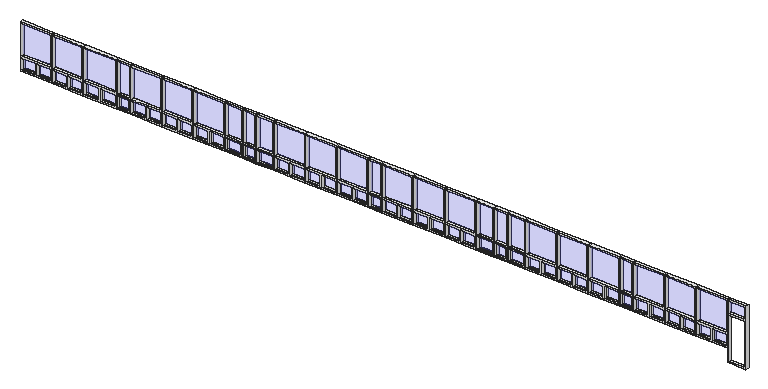
Revit family
Parameters
  창 두께 = 150 mm
  창 패널 = AW26 창 패널
  창 프레임 = AW26 창 프레임
  길이 4 = 길이 1 * 3  # 4500 mm
  길이 3 = 650 mm
  길이 2 = Height + 기본 씰 높이  # 2700 mm
  길이 1 = (Width - 9300 mm) / 17  # 1500 mm
  Height = 2100 mm
  절반 창 두께 = 창 두께 / 2  # 75 mm
  기본 씰 높이 = 600 mm
  Wall Closure = (empty or 0)
  Width = 34800 mm
Reference planes
  plane 1: y = 0
  plane 2 "왼쪽": x = -15700
  plane 3 "오른쪽": x = 18925
  plane 4 "씰": z = 600
  plane 5 "헤드": z = 2700
  plane 6 "외부": y = 100
  plane 7 "내부": y = -100
  plane 8: y = -75
  plane 9: y = 75
  plane 10: y = 66
  plane 11: y = 44
  plane 12: y = 35
  plane 13: x = 1550
  plane 14: z = 1200
  plane 15: z = 645
  plane 16: z = 1245
  plane 17: z = 1190
  plane 18: z = 655
  plane 19: z = 2655
  plane 20: z = 2100
  plane 21: z = 2055
Lines and regions (mm)
  symbolic lines, style "입면도 스윙"
    curve 1: line (12900, 35, 2700) -> (11445, 35, 1945)
    curve 2: line (11445, 35, 1945) -> (12900, 35, 1190)
Text (mm)
  text "외부" at (-1963.203, 1332.353, 0), in view "참조 레벨"
  text "내부" at (-1981.466, -818.386, 0), in view "참조 레벨"
  text "외부" at (0, 923.751, 2943.296), in view "오른쪽"
  text "외부" at (0, 1040.484, 2685.409), in view "왼쪽"
Dimensions and locks
  "Height": plane 4 "씰" to plane 5 "헤드"
  "기본 씰 높이": plane 4 "씰" to level
  locked: plane 6 "외부" to host wall at 0
  locked: plane 7 "내부" to host wall
  plane 9 to plane 10 to plane 11 to plane 12 = 9 mm locked, 22 mm locked, 9 mm locked
  locked: plane 4 "씰" to plane 14 at 600
  plane 4 "씰" to plane 15 to plane 18 = 45 mm locked, 10 mm locked
  plane 17 to plane 14 to plane 16 = 10 mm locked, 45 mm locked
  locked: plane 19 to plane 5 "헤드" at 45
  plane 21 to plane 20 to plane 5 "헤드" = 45 mm locked, 600 mm locked
  "절반 창 두께": plane 9 to host wall
  "절반 창 두께": host wall to plane 8
  "길이 4": nested 4 to nested 7
  locked: nested 6 to nested 15 at 2350
  "길이 4": nested 12 to nested 3
  locked: nested 19 to nested 12 at 2350
  locked: nested 22 to nested 21 at 2250
  plane 2 "왼쪽" to plane 13 to plane 3 "오른쪽" = 17250 mm, 17375 mm
  equal spacing: plane 17, curve 2, nested 17
  aligned and locked: plane 4 "씰" to nested 1  (x2)
  aligned and locked: plane 4 "씰" to nested 2  (x2)
  aligned and locked: nested 1 to nested 3
  aligned and locked: plane 4 "씰" to nested 3  (x2)
  aligned and locked: nested 1 to nested 4
  aligned and locked: nested 4 to nested 5
  aligned and locked: nested 5 to nested 6
  aligned and locked: nested 7 to nested 8
  aligned and locked: nested 8 to nested 9
  aligned and locked: nested 3 to nested 10
  aligned and locked: nested 10 to nested 11
  aligned and locked: nested 12 to nested 13
  aligned and locked: nested 13 to nested 14
  aligned and locked: nested 15 to nested 16
  aligned and locked: nested 16 to nested 17
  aligned and locked: nested 17 to nested 18
  aligned and locked: nested 19 to nested 20
  aligned and locked: nested 20 to nested 21
  aligned and locked: nested 2 to nested 21
  aligned and locked: plane 4 "씰" to nested 18
  aligned and locked: plane 4 "씰" to nested 17
  aligned and locked: plane 4 "씰" to nested 16
  aligned and locked: plane 4 "씰" to nested 15  (x2)
  aligned and locked: plane 4 "씰" to nested 9
  aligned and locked: plane 4 "씰" to nested 8
  aligned and locked: plane 4 "씰" to nested 7
  aligned and locked: plane 4 "씰" to nested 6
  aligned and locked: plane 4 "씰" to nested 5
  aligned and locked: plane 4 "씰" to nested 4
  aligned and locked: plane 4 "씰" to nested 10
  aligned and locked: plane 4 "씰" to nested 11
  aligned and locked: plane 4 "씰" to nested 12
  aligned and locked: plane 4 "씰" to nested 13
  aligned and locked: plane 4 "씰" to nested 14
  aligned and locked: plane 4 "씰" to nested 19
  aligned and locked: plane 4 "씰" to nested 20
  aligned and locked: plane 4 "씰" to nested 21
  aligned and locked: plane 4 "씰" to nested 22
  aligned and locked: nested 24 to nested 2
  aligned and locked: plane 4 "씰" to nested 24
  aligned and locked: plane 4 "씰" to nested 25
  aligned and locked: nested 18 to nested 25
  aligned and locked: nested 26 to plane 4 "씰"
  aligned and locked: nested 25 to nested 26
  aligned and locked: nested 27 to plane 4 "씰"
  aligned and locked: nested 26 to nested 27
  aligned and locked: nested 22 to nested 28
  aligned and locked: nested 23 to nested 27
  aligned and locked: plane 4 "씰" to nested 28
  aligned and locked: curve 1 to nested 17
  aligned and locked: nested 18 to curve 1
  aligned and locked: curve 2 to nested 17
  aligned and locked: nested 18 to curve 2
  aligned and locked: nested 17 to curve 2
Nested families
  nested 1: "창 고정 단위" at (1225, 0, 0), type "AW9_1_1"
  nested 2: "창 고정 단위" at (-10775, 0, 0), type "AW9_1"
  nested 3: "AW9 2" at (150, 0, 0), type "AW9"
  nested 4: "AW9 2" at (2300, 0, 0), type "AW9"
  nested 5: "AW9 2" at (3800, 0, 0), type "AW9"
  nested 6: "AW9 2" at (5300, 0, 0), type "AW9"
  nested 7: "창 고정 단위" at (6475, 0, 0), type "AW9_2"
  nested 8: "창 고정 단위" at (7225, 0, 0), type "AW9_1"
  nested 9: "창 고정 단위" at (7975, 0, 0), type "AW9_2"
  nested 10: "AW9 2" at (-1350, 0, 0), type "AW9"
  nested 11: "AW9 2" at (-2850, 0, 0), type "AW9"
  nested 12: "창 고정 단위" at (-4025, 0, 0), type "AW9_2"
  nested 13: "창 고정 단위" at (-4775, 0, 0), type "AW9_1"
  nested 14: "창 고정 단위" at (-5525, 0, 0), type "AW9_2"
  nested 15: "AW9 2" at (9150, 0, 0), type "AW9"
  nested 16: "AW9 2" at (10650, 0, 0), type "AW9"
  nested 17: "AW9 2" at (12150, 0, 0), type "AW9"
  nested 18: "창 고정 단위" at (13225, 0, 0), type "AW9_1"
  nested 19: "AW9 2" at (-6700, 0, 0), type "AW9"
  nested 20: "AW9 2" at (-8200, 0, 0), type "AW9"
  nested 21: "AW9 2" at (-9700, 0, 0), type "AW9"
  nested 22: "AW9 2" at (-13450, 0, 0), type "AW9"
  nested 23: "문 프레임" at (18487.5, 0, 0), type "AW9-1"
  nested 24: "창 고정 단위 크게" at (-11900, 0, 0), type "AW9 2"
  nested 25: "AW9 2" at (14300, 0, 0), type "AW9"
  nested 26: "AW9 2" at (15800, 0, 0), type "AW9"
  nested 27: "AW9 2" at (17300, 0, 0), type "AW9"
  nested 28: "창 고정 및 개구부 단위" at (-14950, 0, 0), type "AW9"
Definition of nested family "창 고정 단위"
  Parameters (values of type "AW9_1_1")
    창 두께 = 150 mm
    창 패널 = AW26 창 패널
    창 프레임 = AW26 창 프레임
    Height = 2100 mm
    절반 창 두께 = 창 두께 / 2  # 75 mm
    기본 씰 높이 = 600 mm
    Wall Closure = (empty or 0)
    Width = 650 mm
    Assembly Code = ""
  Types (4, lengths in mm): name | Width
    AW9_1_1 | 650
    AW9_3 | 800
    AW9_2 | 850
    AW9_1 | 650
  Reference planes
    plane 1: y = 0
    plane 2 "중심(왼쪽/오른쪽)": x = 0
    plane 3 "왼쪽": x = -325
    plane 4 "오른쪽": x = 325
    plane 5 "씰": z = 600
    plane 6 "헤드": z = 2700
    plane 7 "외부": y = 100
    plane 8 "내부": y = -100
    plane 9: y = 75
    plane 10: y = -75
    plane 11: y = 35
    plane 12: x = -280
    plane 13: x = 280
    plane 14: x = -270
    plane 15: x = 270
    plane 16: z = 1200
    plane 17: z = 1190
    plane 18: z = 1245
    plane 19: y = 55
    plane 20: y = 66
    plane 21: y = 44
    plane 22: y = -11
    plane 23: y = 11
    plane 24: x = -22.5
    plane 25: x = 22.5
    plane 26: x = -32.5
    plane 27: x = 32.5
    plane 28: z = 2655
    plane 29: z = 645
    plane 30: x = 230
    plane 31: z = 1150
    plane 32: x = -230
    plane 33: z = 685
    plane 34: x = 72.5
    plane 35: x = -72.5
    plane 36: x = 156.25
    plane 37: x = -156.25
    plane 38: z = 655
  Forms (mm)
    Extrusion 1, solid, material "AW26 창 프레임" <- "창 프레임"
      sketch origin (-2000, 75, 1000) x (-1, 0, 0) y (0, 0, 1)
        loop
          line (-2325, 1700) -> (-2325, -400) -> (-1675, -400) -> (-1675, 1700) -> (-2325, 1700)
        loop
          line (-2280, 1655) -> (-2280, 245) -> (-1720, 245) -> (-1720, 1655) -> (-2280, 1655)
        loop
          line (-2280, -355) -> (-1720, -355) -> (-1720, 200) -> (-2280, 200) -> (-2280, -355)
      from -150 to 0
    Extrusion 2, solid, material "AW26 창 패널" <- "창 패널"
      sketch origin (-2000, 75, 1000) x (-1, 0, 0) y (0, 0, 1)
        loop
          line (-2280, 1655) -> (-2280, 245) -> (-1720, 245) -> (-1720, 1655) -> (-2280, 1655)
        loop
          line (-2280, 200) -> (-2280, -355) -> (-1720, -355) -> (-1720, 200) -> (-2280, 200)
      from -31 to -9
    Extrusion 3, solid, material "AW26 창 프레임" <- "창 프레임"
      sketch origin (-2000, 75, 1000) x (-1, 0, 0) y (0, 0, 1)
        loop
          line (-2230, 150) -> (-2230, -315) -> (-1770, -315) -> (-1770, 150) -> (-2230, 150)
        loop
          line (-2280, 200) -> (-2280, -355) -> (-1720, -355) -> (-1720, 200) -> (-2280, 200)
      from -64 to 0
    Extrusion 4, solid, material "AW26 창 프레임" <- "창 프레임"
      sketch origin (-2000, 75, 1000) x (-1, 0, 0) y (0, 0, 1)
        loop
          line (-2280, 200) -> (-2280, -355) -> (-1720, -355) -> (-1720, 200) -> (-2280, 200)
        loop
          line (-2270, 190) -> (-2270, -345) -> (-1730, -345) -> (-1730, 190) -> (-2270, 190)
      from -64 to -150
  Lines and regions (mm)
    Opening 1
      outline origin (3500, -100, 0) x (1, 0, 0) y (0, 0, 1)
        loop
          line (-3175, 600) -> (-3175, 2700) -> (-3825, 2700) -> (-3825, 600) -> (-3175, 600)
    symbolic lines, style "입면도 스윙"
      curve 1: line (0, 75, 1200) -> (280, 75, 645)
      curve 2: line (0, 75, 1200) -> (-280, 75, 645)
    symbolic lines
      curve 3: line (-325, 75, 0) -> (325, 75, 0)
      curve 4: line (-280, 0, 0) -> (280, 0, 0)
      curve 5: line (-325, -75, 0) -> (325, -75, 0)
      curve 6: line (-280, 75, 0) -> (-280, -75, 0)
      curve 7: line (280, 75, 0) -> (280, -75, 0)
  Text (mm)
    text "외부" at (-1963.203, 1332.353, 0), in view "참조 레벨"
    text "내부" at (-1981.466, -818.386, 0), in view "참조 레벨"
    text "외부" at (0, 923.751, 2943.296), in view "오른쪽"
    text "외부" at (0, 1040.484, 2685.409), in view "왼쪽"
  Dimensions and locks
    equal spacing: plane 3 "왼쪽", plane 2 "중심(왼쪽/오른쪽)", plane 4 "오른쪽"
    "Width": plane 3 "왼쪽" to plane 4 "오른쪽"
    "Height": plane 5 "씰" to plane 6 "헤드"
    locked: plane 7 "외부" to host wall at 0
    locked: plane 8 "내부" to host wall
    plane 17 to plane 16 to plane 18 = 10 mm locked, 45 mm locked
    plane 9 to plane 19 to plane 11 = 20 mm locked, 20 mm locked
    plane 20 to plane 19 to plane 21 = 11 mm locked, 11 mm locked
    plane 23 to host wall to plane 22 = 11 mm locked, 11 mm locked
    plane 3 "왼쪽" to plane 12 to plane 14 = 45 mm locked, 10 mm locked
    plane 15 to plane 13 to plane 4 "오른쪽" = 10 mm locked, 45 mm locked
    plane 24 to plane 2 "중심(왼쪽/오른쪽)" to plane 25 = 22.5 mm locked, 22.5 mm locked
    locked: plane 26 to plane 24 at 10
    locked: plane 25 to plane 27 at 10
    locked: plane 5 "씰" to plane 16 at 600
    "절반 창 두께": plane 9 to plane 1
    "절반 창 두께": plane 10 to plane 1
    "기본 씰 높이": level to plane 5 "씰"
    locked: plane 28 to plane 6 "헤드" at 45
    locked: plane 5 "씰" to plane 29 at 45
    locked: plane 30 to plane 15 at 40
    locked: plane 31 to plane 17 at 40
    locked: plane 14 to plane 32 at 40
    locked: plane 29 to plane 33 at 40
    locked: plane 34 to plane 27 at 40
    locked: plane 26 to plane 35 at 40
    equal spacing: plane 27, plane 36, plane 13
    equal spacing: plane 26, plane 37, plane 12
    locked: plane 29 to plane 38 at 10
    aligned and locked: plane 6 "헤드" to Extrusion 1 sketch curve
    aligned and locked: plane 4 "오른쪽" to Extrusion 1 sketch curve
    aligned and locked: Extrusion 1 sketch curve to plane 5 "씰"
    aligned and locked: Extrusion 1 sketch curve to plane 3 "왼쪽"
    aligned and locked: Extrusion 1 sketch curve to plane 28
    aligned and locked: Extrusion 1 sketch curve to plane 12
    aligned and locked: plane 13 to Extrusion 1 sketch curve  (x3)
    aligned and locked: plane 18 to Extrusion 1 sketch curve
    aligned and locked: Extrusion 1 to plane 10
    aligned and locked: plane 9 to Extrusion 1
    aligned and locked: plane 12 to Extrusion 1 sketch curve  (x2)
    aligned and locked: Extrusion 1 sketch curve to plane 29
    aligned and locked: plane 13 to Extrusion 2 sketch curve  (x2)
    aligned and locked: Extrusion 2 sketch curve to plane 28
    aligned and locked: Extrusion 2 sketch curve to plane 12  (x2)
    aligned and locked: Extrusion 2 sketch curve to plane 18
    aligned and locked: plane 29 to Extrusion 2 sketch curve
    aligned and locked: Extrusion 2 to plane 21
    aligned and locked: plane 20 to Extrusion 2
    aligned and locked: plane 33 to Extrusion 3 sketch curve
    aligned and locked: Extrusion 3 sketch curve to plane 32
    aligned and locked: Extrusion 3 sketch curve to plane 31
    aligned and locked: Extrusion 3 sketch curve to plane 30
    aligned and locked: plane 16 to Extrusion 3 sketch curve
    aligned and locked: plane 13 to Extrusion 3 sketch curve
    aligned and locked: plane 29 to Extrusion 3 sketch curve
    aligned and locked: Extrusion 3 sketch curve to plane 12
    aligned and locked: plane 16 to Extrusion 1 sketch curve
    aligned and locked: plane 16 to Extrusion 2 sketch curve
    aligned and locked: Extrusion 3 to plane 23
    aligned and locked: plane 9 to Extrusion 3
    aligned and locked: plane 16 to Extrusion 4 sketch curve
    aligned and locked: plane 13 to Extrusion 4 sketch curve
    aligned and locked: plane 29 to Extrusion 4 sketch curve
    aligned and locked: Extrusion 4 sketch curve to plane 12
    aligned and locked: Extrusion 4 sketch curve to plane 14
    aligned and locked: plane 17 to Extrusion 4 sketch curve
    aligned and locked: plane 15 to Extrusion 4 sketch curve
    aligned and locked: plane 38 to Extrusion 4 sketch curve
    aligned and locked: Extrusion 4 to plane 23
    aligned and locked: Extrusion 4 to plane 10
    aligned and locked: plane 2 "중심(왼쪽/오른쪽)" to curve 1
    aligned and locked: plane 29 to curve 1
    aligned and locked: plane 13 to curve 1
    aligned and locked: plane 16 to curve 2
    aligned and locked: plane 29 to curve 2
    aligned and locked: plane 12 to curve 2
    aligned and locked: plane 9 to curve 6
    aligned and locked: plane 10 to curve 6
    aligned and locked: plane 12 to curve 6
    aligned and locked: plane 13 to curve 7
    aligned and locked: plane 4 "오른쪽" to curve 3
    aligned and locked: plane 3 "왼쪽" to curve 3
    aligned and locked: plane 3 "왼쪽" to curve 5
    aligned and locked: plane 12 to curve 4
    aligned and locked: plane 4 "오른쪽" to curve 5
    aligned and locked: plane 13 to curve 4
    aligned and locked: curve 3 to plane 9
    aligned and locked: curve 5 to plane 10
    aligned and locked: host wall to curve 4
  Automatic sketch dimensions
    Opening 1 sketch curve to plane 3 "왼쪽" = 0 mm
    Opening 1 sketch curve to plane 4 "오른쪽" = 0 mm
    Opening 1 sketch curve to plane 5 "씰" = 0 mm
    Opening 1 sketch curve to plane 6 "헤드" = 0 mm
Definition of nested family "AW9 2"
  Parameters (values of type "AW9")
    창 두께 = 150 mm
    창 패널 = AW26 창 패널
    창 프레임 = AW26 창 프레임
    Height = 2100 mm
    절반 창 두께 = 창 두께 / 2  # 75 mm
    기본 씰 높이 = 600 mm
    Wall Closure = (empty or 0)
    Width = 1500 mm
    Assembly Code = ""
  Types (3, lengths in mm): name | Width
    AW9 | 1500
    AW9 2 | 1600
    AW9 1 | 4500
  Reference planes
    plane 1: y = 0
    plane 2 "중심(왼쪽/오른쪽)": x = 0
    plane 3 "왼쪽": x = -750
    plane 4 "오른쪽": x = 750
    plane 5 "씰": z = 600
    plane 6 "헤드": z = 2700
    plane 7 "외부": y = 100
    plane 8 "내부": y = -100
    plane 9: y = 75
    plane 10: y = -75
    plane 11: y = 35
    plane 12: x = -705
    plane 13: x = 705
    plane 14: x = -695
    plane 15: x = 695
    plane 16: z = 1200
    plane 17: z = 1190
    plane 18: z = 1245
    plane 19: y = 55
    plane 20: y = 66
    plane 21: y = 44
    plane 22: y = -11
    plane 23: y = 11
    plane 24: x = -22.5
    plane 25: x = 22.5
    plane 26: x = -32.5
    plane 27: x = 32.5
    plane 28: z = 2655
    plane 29: z = 645
    plane 30: x = 655
    plane 31: z = 1150
    plane 32: x = -655
    plane 33: z = 685
    plane 34: x = 72.5
    plane 35: x = -72.5
    plane 36: x = 368.75
    plane 37: x = -368.75
  Forms (mm)
    Extrusion 1, solid, material "AW26 창 프레임" <- "창 프레임"
      sketch origin (-2000, 75, 1000) x (-1, 0, 0) y (0, 0, 1)
        loop
          line (-2750, 1700) -> (-2750, -400) -> (-1250, -400) -> (-1250, 1700) -> (-2750, 1700)
        loop
          line (-2705, 1655) -> (-2705, 245) -> (-1295, 245) -> (-1295, 1655) -> (-2705, 1655)
        loop
          line (-2705, -355) -> (-2032.5, -355) -> (-2032.5, 190) -> (-2705, 190) -> (-2705, -355)
        loop
          line (-1295, -355) -> (-1295, 190) -> (-1967.5, 190) -> (-1967.5, -355) -> (-1295, -355)
      from -150 to 0
    Extrusion 2, solid, material "AW26 창 프레임" <- "창 프레임"
      sketch origin (-2000, 75, 1000) x (-1, 0, 0) y (0, 0, 1)
        loop
          line (-2705, 190) -> (-2705, -355) -> (-2032.5, -355) -> (-2032.5, 190) -> (-2705, 190)
        loop
          line (-1967.5, 190) -> (-1967.5, -355) -> (-1295, -355) -> (-1295, 190) -> (-1967.5, 190)
        loop
          line (-2655, 150) -> (-2655, -315) -> (-2072.5, -315) -> (-2072.5, 150) -> (-2655, 150)
        loop
          line (-1927.5, 150) -> (-1927.5, -315) -> (-1345, -315) -> (-1345, 150) -> (-1927.5, 150)
      from -40 to 0
    Extrusion 3, solid, material "AW26 창 패널" <- "창 패널"
      sketch origin (-2000, 75, 1000) x (-1, 0, 0) y (0, 0, 1)
        loop
          line (-2705, 1655) -> (-2705, 245) -> (-1295, 245) -> (-1295, 1655) -> (-2705, 1655)
        loop
          line (-2655, 150) -> (-2655, -315) -> (-2072.5, -315) -> (-2072.5, 150) -> (-2655, 150)
        loop
          line (-1927.5, 150) -> (-1927.5, -315) -> (-1345, -315) -> (-1345, 150) -> (-1927.5, 150)
      from -31 to -9
  Lines and regions (mm)
    Opening 1
      outline origin (3500, -100, 0) x (1, 0, 0) y (0, 0, 1)
        loop
          line (-2750, 600) -> (-2750, 2700) -> (-4250, 2700) -> (-4250, 600) -> (-2750, 600)
    symbolic lines, style "입면도 스윙"
      curve 1: line (368.75, 75, 1190) -> (705, 75, 645)
      curve 2: line (368.75, 75, 1190) -> (32.5, 75, 645)
      curve 3: line (-32.5, 75, 645) -> (-368.75, 75, 1190)
      curve 4: line (-368.75, 75, 1190) -> (-705, 75, 645)
    symbolic lines
      curve 5: line (-750, 75, 0) -> (750, 75, 0)
      curve 6: line (-705, 0, 0) -> (705, 0, 0)
      curve 7: line (-750, -75, 0) -> (750, -75, 0)
      curve 8: line (-705, 75, 0) -> (-705, -75, 0)
      curve 9: line (705, 75, 0) -> (705, -75, 0)
  Text (mm)
    text "외부" at (-1963.203, 1332.353, 0), in view "참조 레벨"
    text "내부" at (-1981.466, -818.386, 0), in view "참조 레벨"
    text "외부" at (0, 923.751, 2943.296), in view "오른쪽"
    text "외부" at (0, 1040.484, 2685.409), in view "왼쪽"
  Dimensions and locks
    equal spacing: plane 3 "왼쪽", plane 2 "중심(왼쪽/오른쪽)", plane 4 "오른쪽"
    "Width": plane 3 "왼쪽" to plane 4 "오른쪽"
    "Height": plane 5 "씰" to plane 6 "헤드"
    locked: plane 7 "외부" to host wall at 0
    locked: plane 8 "내부" to host wall
    plane 17 to plane 16 to plane 18 = 10 mm locked, 45 mm locked
    plane 9 to plane 19 to plane 11 = 20 mm locked, 20 mm locked
    plane 20 to plane 19 to plane 21 = 11 mm locked, 11 mm locked
    plane 23 to host wall to plane 22 = 11 mm locked, 11 mm locked
    plane 3 "왼쪽" to plane 12 to plane 14 = 45 mm locked, 10 mm locked
    plane 15 to plane 13 to plane 4 "오른쪽" = 10 mm locked, 45 mm locked
    plane 24 to plane 2 "중심(왼쪽/오른쪽)" to plane 25 = 22.5 mm locked, 22.5 mm locked
    locked: plane 26 to plane 24 at 10
    locked: plane 25 to plane 27 at 10
    locked: plane 5 "씰" to plane 16 at 600
    "절반 창 두께": plane 9 to plane 1
    "절반 창 두께": plane 10 to plane 1
    "기본 씰 높이": level to plane 5 "씰"
    locked: plane 28 to plane 6 "헤드" at 45
    locked: plane 5 "씰" to plane 29 at 45
    locked: plane 30 to plane 15 at 40
    locked: plane 31 to plane 17 at 40
    locked: plane 14 to plane 32 at 40
    locked: plane 29 to plane 33 at 40
    locked: plane 34 to plane 27 at 40
    locked: plane 26 to plane 35 at 40
    equal spacing: plane 27, plane 36, plane 13
    equal spacing: plane 26, plane 37, plane 12
    aligned and locked: plane 6 "헤드" to Extrusion 1 sketch curve
    aligned and locked: plane 4 "오른쪽" to Extrusion 1 sketch curve
    aligned and locked: Extrusion 1 sketch curve to plane 5 "씰"
    aligned and locked: Extrusion 1 sketch curve to plane 3 "왼쪽"
    aligned and locked: Extrusion 1 sketch curve to plane 28
    aligned and locked: plane 13 to Extrusion 1 sketch curve  (x2)
    aligned and locked: plane 29 to Extrusion 1 sketch curve  (x2)
    aligned and locked: Extrusion 1 sketch curve to plane 12
    aligned and locked: plane 18 to Extrusion 1 sketch curve
    aligned and locked: plane 12 to Extrusion 1 sketch curve
    aligned and locked: plane 17 to Extrusion 1 sketch curve  (x2)
    aligned and locked: plane 27 to Extrusion 1 sketch curve
    aligned and locked: plane 26 to Extrusion 1 sketch curve
    aligned and locked: Extrusion 1 to plane 10
    aligned and locked: plane 9 to Extrusion 1
    aligned and locked: plane 17 to Extrusion 2 sketch curve  (x2)
    aligned and locked: plane 13 to Extrusion 2 sketch curve
    aligned and locked: plane 29 to Extrusion 2 sketch curve  (x2)
    aligned and locked: plane 27 to Extrusion 2 sketch curve
    aligned and locked: Extrusion 2 sketch curve to plane 31  (x2)
    aligned and locked: Extrusion 2 sketch curve to plane 30
    aligned and locked: plane 33 to Extrusion 2 sketch curve  (x2)
    aligned and locked: Extrusion 2 sketch curve to plane 34
    aligned and locked: Extrusion 2 sketch curve to plane 26
    aligned and locked: Extrusion 2 sketch curve to plane 12
    aligned and locked: Extrusion 2 sketch curve to plane 35
    aligned and locked: Extrusion 2 sketch curve to plane 32
    aligned and locked: Extrusion 2 to plane 9
    aligned and locked: Extrusion 2 to plane 11
    aligned and locked: Extrusion 3 sketch curve to plane 28
    aligned and locked: plane 13 to Extrusion 3 sketch curve
    aligned and locked: Extrusion 3 sketch curve to plane 18
    aligned and locked: Extrusion 3 sketch curve to plane 12
    aligned and locked: Extrusion 3 sketch curve to plane 31  (x2)
    aligned and locked: Extrusion 3 sketch curve to plane 30
    aligned and locked: plane 33 to Extrusion 3 sketch curve  (x2)
    aligned and locked: Extrusion 3 sketch curve to plane 34
    aligned and locked: Extrusion 3 sketch curve to plane 35
    aligned and locked: Extrusion 3 sketch curve to plane 32
    aligned and locked: Extrusion 3 to plane 21
    aligned and locked: plane 20 to Extrusion 3
    aligned and locked: plane 36 to curve 1
    aligned and locked: plane 29 to curve 1
    aligned and locked: plane 13 to curve 1
    aligned and locked: plane 17 to curve 2
    aligned and locked: plane 27 to curve 2
    aligned and locked: plane 29 to curve 2
    aligned and locked: plane 17 to curve 3
    aligned and locked: plane 37 to curve 3
    aligned and locked: plane 29 to curve 3
    aligned and locked: plane 26 to curve 3
    aligned and locked: plane 29 to curve 4
    aligned and locked: plane 12 to curve 4
    aligned and locked: plane 3 "왼쪽" to curve 5
    aligned and locked: plane 3 "왼쪽" to curve 7
    aligned and locked: plane 12 to curve 6
    aligned and locked: plane 4 "오른쪽" to curve 5
    aligned and locked: plane 4 "오른쪽" to curve 7
    aligned and locked: plane 13 to curve 6
    aligned and locked: plane 13 to curve 9
    aligned and locked: plane 9 to curve 8
    aligned and locked: plane 10 to curve 8
    aligned and locked: plane 12 to curve 8
    aligned and locked: curve 5 to plane 9
    aligned and locked: curve 7 to plane 10
    aligned and locked: host wall to curve 6
  Automatic sketch dimensions
    Opening 1 sketch curve to plane 3 "왼쪽" = 0 mm
    Opening 1 sketch curve to plane 4 "오른쪽" = 0 mm
    Opening 1 sketch curve to plane 5 "씰" = 0 mm
    Opening 1 sketch curve to plane 6 "헤드" = 0 mm
    Extrusion 1 sketch curve to plane 17 = 0 mm
    Extrusion 1 sketch curve to plane 29 = 0 mm
Definition of nested family "문 프레임"
  Parameters (values of type "AW9-1")
    창 두께 = 150 mm
    창 패널 = AW26 창 패널
    창 프레임 = AW26 창 프레임
    Height = 2700 mm
    절반 창 두께 = 창 두께 / 2  # 75 mm
    기본 씰 높이 = 0 mm
    Wall Closure = (empty or 0)
    Width = 875 mm
    Assembly Code = ""
  Reference planes
    plane 1: y = 0
    plane 2 "중심(왼쪽/오른쪽)": x = 0
    plane 3 "왼쪽": x = -437.5
    plane 4 "오른쪽": x = 437.5
    plane 5 "씰": z = 0
    plane 6 "헤드": z = 2700
    plane 7 "외부": y = 100
    plane 8 "내부": y = -100
    plane 9: y = 75
    plane 10: y = -75
    plane 11: y = 35
    plane 12: x = -392.5
    plane 13: x = 392.5
    plane 14: x = -382.5
    plane 15: x = 382.5
    plane 16: z = 2055
    plane 17: z = 2045
    plane 18: z = 2100
    plane 19: y = 55
    plane 20: y = 66
    plane 21: y = 44
    plane 22: y = -11
    plane 23: y = 11
    plane 24: x = -22.5
    plane 25: x = 22.5
    plane 26: x = -32.5
    plane 27: x = 32.5
    plane 28: z = 2655
    plane 29: z = 45
    plane 30: x = 342.5
    plane 31: z = 2005
    plane 32: x = -342.5
    plane 33: z = 85
    plane 34: x = 72.5
    plane 35: x = -72.5
  Forms (mm)
    Extrusion 1, solid, material "AW26 창 프레임" <- "창 프레임"
      sketch origin (-2000, 75, 1000) x (-1, 0, 0) y (0, 0, 1)
        loop
          line (-2437.5, 1700) -> (-2437.5, -1000) -> (-1562.5, -1000) -> (-1562.5, 1700) -> (-2437.5, 1700)
        loop
          line (-2392.5, 1655) -> (-2392.5, 1100) -> (-1607.5, 1100) -> (-1607.5, 1655) -> (-2392.5, 1655)
        loop
          line (-2392.5, -955) -> (-1607.5, -955) -> (-1607.5, 1055) -> (-2392.5, 1055) -> (-2392.5, -955)
      from -150 to 0
    Extrusion 2, solid, material "AW26 창 패널" <- "창 패널"
      sketch origin (-2000, 75, 1000) x (-1, 0, 0) y (0, 0, 1)
        loop
          line (-2392.5, 1655) -> (-2392.5, 1100) -> (-1607.5, 1100) -> (-1607.5, 1655) -> (-2392.5, 1655)
      from -40 to -9
  Lines and regions (mm)
    Opening 1
      outline origin (3500, -100, 0) x (1, 0, 0) y (0, 0, 1)
        loop
          line (-3062.5, 0) -> (-3062.5, 2700) -> (-3937.5, 2700) -> (-3937.5, 0) -> (-3062.5, 0)
    symbolic lines
      curve 1: line (-437.5, 75, 0) -> (437.5, 75, 0)
      curve 2: line (-437.5, -75, 0) -> (437.5, -75, 0)
      curve 3: line (-437.5, 75, 0) -> (-437.5, -75, 0)
      curve 4: line (437.5, 75, 0) -> (437.5, -75, 0)
  Text (mm)
    text "외부" at (-1963.203, 1332.353, 0), in view "참조 레벨"
    text "내부" at (-1981.466, -818.386, 0), in view "참조 레벨"
    text "외부" at (0, 923.751, 2943.296), in view "오른쪽"
    text "외부" at (0, 1040.484, 2685.409), in view "왼쪽"
  Dimensions and locks
    equal spacing: plane 3 "왼쪽", plane 2 "중심(왼쪽/오른쪽)", plane 4 "오른쪽"
    "Width": plane 3 "왼쪽" to plane 4 "오른쪽"
    "Height": plane 5 "씰" to plane 6 "헤드"
    locked: plane 7 "외부" to host wall at 0
    locked: plane 8 "내부" to host wall
    plane 17 to plane 16 to plane 18 = 10 mm locked, 45 mm locked
    plane 9 to plane 19 to plane 11 = 20 mm locked, 20 mm locked
    plane 20 to plane 19 to plane 21 = 11 mm locked, 11 mm locked
    plane 23 to host wall to plane 22 = 11 mm locked, 11 mm locked
    plane 3 "왼쪽" to plane 12 to plane 14 = 45 mm locked, 10 mm locked
    plane 15 to plane 13 to plane 4 "오른쪽" = 10 mm locked, 45 mm locked
    plane 24 to plane 2 "중심(왼쪽/오른쪽)" to plane 25 = 22.5 mm locked, 22.5 mm locked
    locked: plane 26 to plane 24 at 10
    locked: plane 25 to plane 27 at 10
    "절반 창 두께": plane 9 to plane 1
    "절반 창 두께": plane 10 to plane 1
    "기본 씰 높이": level to plane 5 "씰"
    locked: plane 28 to plane 6 "헤드" at 45
    locked: plane 5 "씰" to plane 29 at 45
    locked: plane 30 to plane 15 at 40
    locked: plane 31 to plane 17 at 40
    locked: plane 14 to plane 32 at 40
    locked: plane 29 to plane 33 at 40
    locked: plane 34 to plane 27 at 40
    locked: plane 26 to plane 35 at 40
    plane 18 to plane 6 "헤드" = 600 mm
    aligned and locked: plane 6 "헤드" to Extrusion 1 sketch curve
    aligned and locked: plane 4 "오른쪽" to Extrusion 1 sketch curve
    aligned and locked: Extrusion 1 sketch curve to plane 5 "씰"
    aligned and locked: Extrusion 1 sketch curve to plane 3 "왼쪽"
    aligned and locked: Extrusion 1 sketch curve to plane 28
    aligned and locked: plane 13 to Extrusion 1 sketch curve  (x3)
    aligned and locked: Extrusion 1 sketch curve to plane 12
    aligned and locked: plane 18 to Extrusion 1 sketch curve
    aligned and locked: Extrusion 1 to plane 10
    aligned and locked: plane 9 to Extrusion 1
    aligned and locked: plane 12 to Extrusion 1 sketch curve  (x2)
    aligned and locked: Extrusion 1 sketch curve to plane 29
    aligned and locked: plane 16 to Extrusion 1 sketch curve
    aligned and locked: Extrusion 2 sketch curve to plane 28
    aligned and locked: plane 13 to Extrusion 2 sketch curve
    aligned and locked: Extrusion 2 sketch curve to plane 18
    aligned and locked: Extrusion 2 sketch curve to plane 12
    aligned and locked: Extrusion 2 to plane 11
    aligned and locked: plane 20 to Extrusion 2
    aligned and locked: plane 9 to curve 3
    aligned and locked: plane 3 "왼쪽" to curve 3
    aligned and locked: plane 9 to curve 4
    aligned and locked: plane 10 to curve 4
    aligned and locked: plane 4 "오른쪽" to curve 4
    aligned and locked: plane 4 "오른쪽" to curve 2
    aligned and locked: plane 3 "왼쪽" to curve 2
    aligned and locked: curve 2 to plane 10
  Automatic sketch dimensions
    Opening 1 sketch curve to plane 3 "왼쪽" = 0 mm
    Opening 1 sketch curve to plane 4 "오른쪽" = 0 mm
    Opening 1 sketch curve to plane 5 "씰" = 0 mm
    Opening 1 sketch curve to plane 6 "헤드" = 0 mm
Definition of nested family "창 고정 단위 크게"
  Parameters (values of type "AW9 2")
    창 두께 = 150 mm
    창 패널 = AW26 창 패널
    창 프레임 = AW26 창 프레임
    Height = 2100 mm
    절반 창 두께 = 창 두께 / 2  # 75 mm
    기본 씰 높이 = 600 mm
    Wall Closure = (empty or 0)
    Width = 1600 mm
    Assembly Code = ""
  Reference planes
    plane 1: y = 0
    plane 2 "중심(왼쪽/오른쪽)": x = 0
    plane 3 "왼쪽": x = -800
    plane 4 "오른쪽": x = 800
    plane 5 "씰": z = 600
    plane 6 "헤드": z = 2700
    plane 7 "외부": y = 100
    plane 8 "내부": y = -100
    plane 9: y = 75
    plane 10: y = -75
    plane 11: y = 35
    plane 12: x = -755
    plane 13: x = 755
    plane 14: x = -745
    plane 15: x = 745
    plane 16: z = 1200
    plane 17: z = 1190
    plane 18: z = 1245
    plane 19: y = 55
    plane 20: y = 66
    plane 21: y = 44
    plane 22: y = -11
    plane 23: y = 11
    plane 24: x = -22.5
    plane 25: x = 22.5
    plane 26: x = -32.5
    plane 27: x = 32.5
    plane 28: z = 2655
    plane 29: z = 645
    plane 30: x = 705
    plane 31: z = 1150
    plane 32: x = -705
    plane 33: z = 685
    plane 34: x = 72.5
    plane 35: x = -72.5
    plane 36: x = 393.75
    plane 37: x = -393.75
  Forms (mm)
    Extrusion 1, solid, material "AW26 창 프레임" <- "창 프레임"
      sketch origin (-2000, 75, 1000) x (-1, 0, 0) y (0, 0, 1)
        loop
          line (-2800, 1700) -> (-2800, -400) -> (-1200, -400) -> (-1200, 1700) -> (-2800, 1700)
        loop
          line (-2755, 1655) -> (-2755, 245) -> (-1245, 245) -> (-1245, 1655) -> (-2755, 1655)
        loop
          line (-2755, -355) -> (-2032.5, -355) -> (-2032.5, 190) -> (-2755, 190) -> (-2755, -355)
        loop
          line (-1245, -355) -> (-1245, 190) -> (-1967.5, 190) -> (-1967.5, -355) -> (-1245, -355)
      from -150 to 0
    Extrusion 2, solid, material "AW26 창 프레임" <- "창 프레임"
      sketch origin (-2000, 75, 1000) x (-1, 0, 0) y (0, 0, 1)
        loop
          line (-2755, 190) -> (-2755, -355) -> (-2032.5, -355) -> (-2032.5, 190) -> (-2755, 190)
        loop
          line (-1967.5, 190) -> (-1967.5, -355) -> (-1245, -355) -> (-1245, 190) -> (-1967.5, 190)
        loop
          line (-2705, 150) -> (-2705, -315) -> (-2072.5, -315) -> (-2072.5, 150) -> (-2705, 150)
        loop
          line (-1927.5, 150) -> (-1927.5, -315) -> (-1295, -315) -> (-1295, 150) -> (-1927.5, 150)
      from -40 to 0
    Extrusion 3, solid, material "AW26 창 패널" <- "창 패널"
      sketch origin (-2000, 75, 1000) x (-1, 0, 0) y (0, 0, 1)
        loop
          line (-2755, 1655) -> (-2755, 245) -> (-1245, 245) -> (-1245, 1655) -> (-2755, 1655)
        loop
          line (-2705, 150) -> (-2705, -315) -> (-2072.5, -315) -> (-2072.5, 150) -> (-2705, 150)
        loop
          line (-1927.5, 150) -> (-1927.5, -315) -> (-1295, -315) -> (-1295, 150) -> (-1927.5, 150)
      from -31 to -9
  Lines and regions (mm)
    Opening 1
      outline origin (3500, -100, 0) x (1, 0, 0) y (0, 0, 1)
        loop
          line (-2700, 600) -> (-2700, 2700) -> (-4300, 2700) -> (-4300, 600) -> (-2700, 600)
    symbolic lines, style "입면도 스윙"
      curve 1: line (393.75, 75, 1190) -> (755, 75, 645)
      curve 2: line (393.75, 75, 1190) -> (32.5, 75, 645)
      curve 3: line (-32.5, 75, 645) -> (-393.75, 75, 1190)
      curve 4: line (-393.75, 75, 1190) -> (-755, 75, 645)
    symbolic lines
      curve 5: line (-800, 75, 0) -> (800, 75, 0)
      curve 6: line (-755, 0, 0) -> (755, 0, 0)
      curve 7: line (-800, -75, 0) -> (800, -75, 0)
      curve 8: line (-755, 75, 0) -> (-755, -75, 0)
      curve 9: line (755, 75, 0) -> (755, -75, 0)
  Text (mm)
    text "외부" at (-1963.203, 1332.353, 0), in view "참조 레벨"
    text "내부" at (-1981.466, -818.386, 0), in view "참조 레벨"
    text "외부" at (0, 923.751, 2943.296), in view "오른쪽"
    text "외부" at (0, 1040.484, 2685.409), in view "왼쪽"
  Dimensions and locks
    equal spacing: plane 3 "왼쪽", plane 2 "중심(왼쪽/오른쪽)", plane 4 "오른쪽"
    "Width": plane 3 "왼쪽" to plane 4 "오른쪽"
    "Height": plane 5 "씰" to plane 6 "헤드"
    locked: plane 7 "외부" to host wall at 0
    locked: plane 8 "내부" to host wall
    plane 17 to plane 16 to plane 18 = 10 mm locked, 45 mm locked
    plane 9 to plane 19 to plane 11 = 20 mm locked, 20 mm locked
    plane 20 to plane 19 to plane 21 = 11 mm locked, 11 mm locked
    plane 23 to host wall to plane 22 = 11 mm locked, 11 mm locked
    plane 3 "왼쪽" to plane 12 to plane 14 = 45 mm locked, 10 mm locked
    plane 15 to plane 13 to plane 4 "오른쪽" = 10 mm locked, 45 mm locked
    plane 24 to plane 2 "중심(왼쪽/오른쪽)" to plane 25 = 22.5 mm locked, 22.5 mm locked
    locked: plane 26 to plane 24 at 10
    locked: plane 25 to plane 27 at 10
    locked: plane 5 "씰" to plane 16 at 600
    "절반 창 두께": plane 9 to plane 1
    "절반 창 두께": plane 10 to plane 1
    "기본 씰 높이": level to plane 5 "씰"
    locked: plane 28 to plane 6 "헤드" at 45
    locked: plane 5 "씰" to plane 29 at 45
    locked: plane 30 to plane 15 at 40
    locked: plane 31 to plane 17 at 40
    locked: plane 14 to plane 32 at 40
    locked: plane 29 to plane 33 at 40
    locked: plane 34 to plane 27 at 40
    locked: plane 26 to plane 35 at 40
    equal spacing: plane 27, plane 36, plane 13
    equal spacing: plane 26, plane 37, plane 12
    aligned and locked: plane 6 "헤드" to Extrusion 1 sketch curve
    aligned and locked: plane 4 "오른쪽" to Extrusion 1 sketch curve
    aligned and locked: Extrusion 1 sketch curve to plane 5 "씰"
    aligned and locked: Extrusion 1 sketch curve to plane 3 "왼쪽"
    aligned and locked: Extrusion 1 sketch curve to plane 28
    aligned and locked: plane 13 to Extrusion 1 sketch curve  (x2)
    aligned and locked: plane 29 to Extrusion 1 sketch curve  (x2)
    aligned and locked: Extrusion 1 sketch curve to plane 12
    aligned and locked: plane 18 to Extrusion 1 sketch curve
    aligned and locked: plane 12 to Extrusion 1 sketch curve
    aligned and locked: plane 17 to Extrusion 1 sketch curve  (x2)
    aligned and locked: plane 27 to Extrusion 1 sketch curve
    aligned and locked: plane 26 to Extrusion 1 sketch curve
    aligned and locked: Extrusion 1 to plane 10
    aligned and locked: plane 9 to Extrusion 1
    aligned and locked: plane 17 to Extrusion 2 sketch curve  (x2)
    aligned and locked: plane 13 to Extrusion 2 sketch curve
    aligned and locked: plane 29 to Extrusion 2 sketch curve  (x2)
    aligned and locked: plane 27 to Extrusion 2 sketch curve
    aligned and locked: Extrusion 2 sketch curve to plane 31  (x2)
    aligned and locked: Extrusion 2 sketch curve to plane 30
    aligned and locked: plane 33 to Extrusion 2 sketch curve  (x2)
    aligned and locked: Extrusion 2 sketch curve to plane 34
    aligned and locked: Extrusion 2 sketch curve to plane 26
    aligned and locked: Extrusion 2 sketch curve to plane 12
    aligned and locked: Extrusion 2 sketch curve to plane 35
    aligned and locked: Extrusion 2 sketch curve to plane 32
    aligned and locked: Extrusion 2 to plane 9
    aligned and locked: Extrusion 2 to plane 11
    aligned and locked: Extrusion 3 sketch curve to plane 28
    aligned and locked: plane 13 to Extrusion 3 sketch curve
    aligned and locked: Extrusion 3 sketch curve to plane 18
    aligned and locked: Extrusion 3 sketch curve to plane 12
    aligned and locked: Extrusion 3 sketch curve to plane 31  (x2)
    aligned and locked: Extrusion 3 sketch curve to plane 30
    aligned and locked: plane 33 to Extrusion 3 sketch curve  (x2)
    aligned and locked: Extrusion 3 sketch curve to plane 34
    aligned and locked: Extrusion 3 sketch curve to plane 35
    aligned and locked: Extrusion 3 sketch curve to plane 32
    aligned and locked: Extrusion 3 to plane 21
    aligned and locked: plane 20 to Extrusion 3
    aligned and locked: plane 36 to curve 1
    aligned and locked: plane 29 to curve 1
    aligned and locked: plane 13 to curve 1
    aligned and locked: plane 17 to curve 2
    aligned and locked: plane 27 to curve 2
    aligned and locked: plane 29 to curve 2
    aligned and locked: plane 17 to curve 3
    aligned and locked: plane 37 to curve 3
    aligned and locked: plane 29 to curve 3
    aligned and locked: plane 26 to curve 3
    aligned and locked: plane 29 to curve 4
    aligned and locked: plane 12 to curve 4
    aligned and locked: plane 9 to curve 8
    aligned and locked: plane 10 to curve 8
    aligned and locked: plane 12 to curve 8
    aligned and locked: plane 13 to curve 9
    aligned and locked: plane 4 "오른쪽" to curve 5
    aligned and locked: plane 4 "오른쪽" to curve 7
    aligned and locked: plane 13 to curve 6
    aligned and locked: plane 3 "왼쪽" to curve 5
    aligned and locked: plane 12 to curve 6
    aligned and locked: plane 3 "왼쪽" to curve 7
    aligned and locked: curve 5 to plane 9
    aligned and locked: curve 7 to plane 10
    aligned and locked: host wall to curve 6
  Automatic sketch dimensions
    Opening 1 sketch curve to plane 3 "왼쪽" = 0 mm
    Opening 1 sketch curve to plane 4 "오른쪽" = 0 mm
    Opening 1 sketch curve to plane 5 "씰" = 0 mm
    Opening 1 sketch curve to plane 6 "헤드" = 0 mm
    Extrusion 1 sketch curve to plane 17 = 0 mm
    Extrusion 1 sketch curve to plane 29 = 0 mm
Definition of nested family "창 고정 및 개구부 단위"
  Parameters (values of type "AW9")
    창 두께 = 150 mm
    창 패널 = AW26 창 패널
    창 프레임 = AW26 창 프레임
    Height = 2100 mm
    절반 창 두께 = 창 두께 / 2  # 75 mm
    기본 씰 높이 = 600 mm
    Wall Closure = (empty or 0)
    Width = 1500 mm
    Assembly Code = ""
  Types (3, lengths in mm): name | Width
    AW9 | 1500
    AW9 2 | 1600
    AW9 1 | 4500
  Reference planes
    plane 1: y = 0
    plane 2 "중심(왼쪽/오른쪽)": x = 0
    plane 3 "왼쪽": x = -750
    plane 4 "오른쪽": x = 750
    plane 5 "씰": z = 600
    plane 6 "헤드": z = 2700
    plane 7 "외부": y = 100
    plane 8 "내부": y = -100
    plane 9: y = 75
    plane 10: y = -75
    plane 11: y = 35
    plane 12: x = -705
    plane 13: x = 705
    plane 14: x = -695
    plane 15: x = 695
    plane 16: z = 1200
    plane 17: z = 1190
    plane 18: z = 1245
    plane 19: y = 55
    plane 20: y = 66
    plane 21: y = 44
    plane 22: y = -11
    plane 23: y = 11
    plane 24: x = -22.5
    plane 25: x = 22.5
    plane 26: x = -32.5
    plane 27: x = 32.5
    plane 28: z = 2655
    plane 29: z = 645
    plane 30: x = 655
    plane 31: z = 1150
    plane 32: x = -655
    plane 33: z = 685
    plane 34: x = 72.5
    plane 35: x = -72.5
    plane 36: x = 368.75
    plane 37: x = -368.75
  Forms (mm)
    Extrusion 1, solid, material "AW26 창 프레임" <- "창 프레임"
      sketch origin (-2000, 75, 1000) x (-1, 0, 0) y (0, 0, 1)
        loop
          line (-2750, 1700) -> (-2750, -400) -> (-1250, -400) -> (-1250, 1700) -> (-2750, 1700)
        loop
          line (-2705, 1655) -> (-2705, 245) -> (-1295, 245) -> (-1295, 1655) -> (-2705, 1655)
        loop
          line (-2705, -355) -> (-2032.5, -355) -> (-2032.5, 190) -> (-2705, 190) -> (-2705, -355)
        loop
          line (-1295, -355) -> (-1295, 190) -> (-1967.5, 190) -> (-1967.5, -355) -> (-1295, -355)
      from -150 to 0
    Extrusion 2, solid, material "AW26 창 프레임" <- "창 프레임"
      sketch origin (-2000, 75, 1000) x (-1, 0, 0) y (0, 0, 1)
        loop
          line (-2705, 190) -> (-2705, -355) -> (-2032.5, -355) -> (-2032.5, 190) -> (-2705, 190)
        loop
          line (-1967.5, 190) -> (-1967.5, -355) -> (-1295, -355) -> (-1295, 190) -> (-1967.5, 190)
        loop
          line (-2655, 150) -> (-2655, -315) -> (-2072.5, -315) -> (-2072.5, 150) -> (-2655, 150)
        loop
          line (-1927.5, 150) -> (-1927.5, -315) -> (-1345, -315) -> (-1345, 150) -> (-1927.5, 150)
      from -40 to 0
    Extrusion 3, solid, material "AW26 창 패널" <- "창 패널"
      sketch origin (-2000, 75, 1000) x (-1, 0, 0) y (0, 0, 1)
        loop
          line (-2705, 1655) -> (-2705, 245) -> (-1295, 245) -> (-1295, 1655) -> (-2705, 1655)
        loop
          line (-2655, 150) -> (-2655, -315) -> (-2072.5, -315) -> (-2072.5, 150) -> (-2655, 150)
        loop
          line (-1927.5, 150) -> (-1927.5, -315) -> (-1345, -315) -> (-1345, 150) -> (-1927.5, 150)
      from -31 to -9
  Lines and regions (mm)
    Opening 1
      outline origin (3500, -100, 0) x (1, 0, 0) y (0, 0, 1)
        loop
          line (-2750, 600) -> (-2750, 2700) -> (-4250, 2700) -> (-4250, 600) -> (-2750, 600)
    symbolic lines, style "입면도 스윙"
      curve 1: line (-32.5, 75, 645) -> (-368.75, 75, 1190)
      curve 2: line (-368.75, 75, 1190) -> (-705, 75, 645)
    symbolic lines
      curve 3: line (-750, 75, 0) -> (750, 75, 0)
      curve 4: line (-705, 0, 0) -> (705, 0, 0)
      curve 5: line (-750, -75, 0) -> (750, -75, 0)
      curve 6: line (-705, 75, 0) -> (-705, -75, 0)
      curve 7: line (705, 75, 0) -> (705, -75, 0)
  Text (mm)
    text "외부" at (-1963.203, 1332.353, 0), in view "참조 레벨"
    text "내부" at (-1981.466, -818.386, 0), in view "참조 레벨"
    text "외부" at (0, 923.751, 2943.296), in view "오른쪽"
    text "외부" at (0, 1040.484, 2685.409), in view "왼쪽"
  Dimensions and locks
    equal spacing: plane 3 "왼쪽", plane 2 "중심(왼쪽/오른쪽)", plane 4 "오른쪽"
    "Width": plane 3 "왼쪽" to plane 4 "오른쪽"
    "Height": plane 5 "씰" to plane 6 "헤드"
    locked: plane 7 "외부" to host wall at 0
    locked: plane 8 "내부" to host wall
    plane 17 to plane 16 to plane 18 = 10 mm locked, 45 mm locked
    plane 9 to plane 19 to plane 11 = 20 mm locked, 20 mm locked
    plane 20 to plane 19 to plane 21 = 11 mm locked, 11 mm locked
    plane 23 to host wall to plane 22 = 11 mm locked, 11 mm locked
    plane 3 "왼쪽" to plane 12 to plane 14 = 45 mm locked, 10 mm locked
    plane 15 to plane 13 to plane 4 "오른쪽" = 10 mm locked, 45 mm locked
    plane 24 to plane 2 "중심(왼쪽/오른쪽)" to plane 25 = 22.5 mm locked, 22.5 mm locked
    locked: plane 26 to plane 24 at 10
    locked: plane 25 to plane 27 at 10
    locked: plane 5 "씰" to plane 16 at 600
    "절반 창 두께": plane 9 to plane 1
    "절반 창 두께": plane 10 to plane 1
    "기본 씰 높이": level to plane 5 "씰"
    locked: plane 28 to plane 6 "헤드" at 45
    locked: plane 5 "씰" to plane 29 at 45
    locked: plane 30 to plane 15 at 40
    locked: plane 31 to plane 17 at 40
    locked: plane 14 to plane 32 at 40
    locked: plane 29 to plane 33 at 40
    locked: plane 34 to plane 27 at 40
    locked: plane 26 to plane 35 at 40
    equal spacing: plane 27, plane 36, plane 13
    equal spacing: plane 26, plane 37, plane 12
    aligned and locked: plane 6 "헤드" to Extrusion 1 sketch curve
    aligned and locked: plane 4 "오른쪽" to Extrusion 1 sketch curve
    aligned and locked: Extrusion 1 sketch curve to plane 5 "씰"
    aligned and locked: Extrusion 1 sketch curve to plane 3 "왼쪽"
    aligned and locked: Extrusion 1 sketch curve to plane 28
    aligned and locked: plane 13 to Extrusion 1 sketch curve  (x2)
    aligned and locked: plane 29 to Extrusion 1 sketch curve  (x2)
    aligned and locked: Extrusion 1 sketch curve to plane 12
    aligned and locked: plane 18 to Extrusion 1 sketch curve
    aligned and locked: plane 12 to Extrusion 1 sketch curve
    aligned and locked: plane 17 to Extrusion 1 sketch curve  (x2)
    aligned and locked: plane 27 to Extrusion 1 sketch curve
    aligned and locked: plane 26 to Extrusion 1 sketch curve
    aligned and locked: Extrusion 1 to plane 10
    aligned and locked: plane 9 to Extrusion 1
    aligned and locked: plane 17 to Extrusion 2 sketch curve  (x2)
    aligned and locked: plane 13 to Extrusion 2 sketch curve
    aligned and locked: plane 29 to Extrusion 2 sketch curve  (x2)
    aligned and locked: plane 27 to Extrusion 2 sketch curve
    aligned and locked: Extrusion 2 sketch curve to plane 31  (x2)
    aligned and locked: Extrusion 2 sketch curve to plane 30
    aligned and locked: plane 33 to Extrusion 2 sketch curve  (x2)
    aligned and locked: Extrusion 2 sketch curve to plane 34
    aligned and locked: Extrusion 2 sketch curve to plane 26
    aligned and locked: Extrusion 2 sketch curve to plane 12
    aligned and locked: Extrusion 2 sketch curve to plane 35
    aligned and locked: Extrusion 2 sketch curve to plane 32
    aligned and locked: Extrusion 2 to plane 9
    aligned and locked: Extrusion 2 to plane 11
    aligned and locked: Extrusion 3 sketch curve to plane 28
    aligned and locked: plane 13 to Extrusion 3 sketch curve
    aligned and locked: Extrusion 3 sketch curve to plane 18
    aligned and locked: Extrusion 3 sketch curve to plane 12
    aligned and locked: Extrusion 3 sketch curve to plane 31  (x2)
    aligned and locked: Extrusion 3 sketch curve to plane 30
    aligned and locked: plane 33 to Extrusion 3 sketch curve  (x2)
    aligned and locked: Extrusion 3 sketch curve to plane 34
    aligned and locked: Extrusion 3 sketch curve to plane 35
    aligned and locked: Extrusion 3 sketch curve to plane 32
    aligned and locked: Extrusion 3 to plane 21
    aligned and locked: plane 20 to Extrusion 3
    aligned and locked: plane 17 to curve 1
    aligned and locked: plane 37 to curve 1
    aligned and locked: plane 29 to curve 1
    aligned and locked: plane 26 to curve 1
    aligned and locked: plane 29 to curve 2
    aligned and locked: plane 12 to curve 2
    aligned and locked: plane 3 "왼쪽" to curve 3
    aligned and locked: plane 3 "왼쪽" to curve 5
    aligned and locked: plane 4 "오른쪽" to curve 3
    aligned and locked: plane 4 "오른쪽" to curve 5
    aligned and locked: plane 12 to curve 4
    aligned and locked: plane 13 to curve 4
    aligned and locked: plane 13 to curve 7
    aligned and locked: plane 9 to curve 6
    aligned and locked: plane 10 to curve 6
    aligned and locked: plane 12 to curve 6
    aligned and locked: curve 3 to plane 9
    aligned and locked: curve 5 to plane 10
    aligned and locked: host wall to curve 4
  Automatic sketch dimensions
    Opening 1 sketch curve to plane 3 "왼쪽" = 0 mm
    Opening 1 sketch curve to plane 4 "오른쪽" = 0 mm
    Opening 1 sketch curve to plane 5 "씰" = 0 mm
    Opening 1 sketch curve to plane 6 "헤드" = 0 mm
    Extrusion 1 sketch curve to plane 17 = 0 mm
    Extrusion 1 sketch curve to plane 29 = 0 mm
